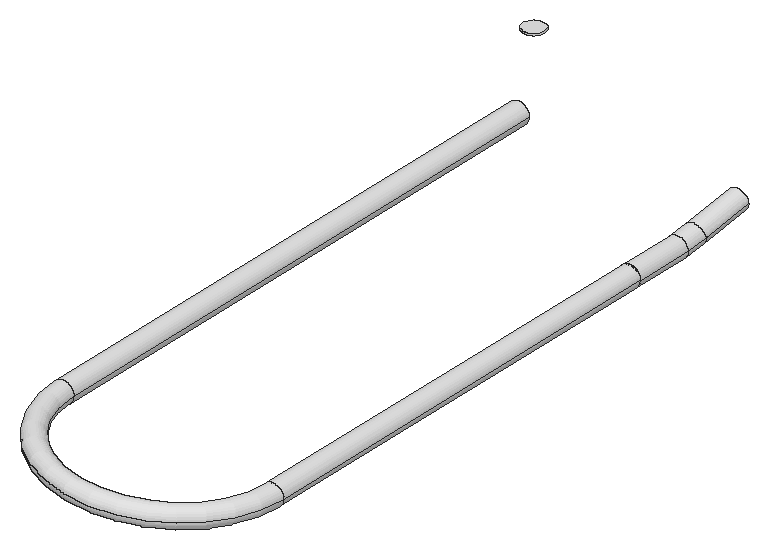
Revit family "Deca_Ducha higiênica com registro e derivação_Izy Plus_1984.24.ACT", category Plumbing Fixtures, host Face, Revit 2020 (continued)
Lines and regions (m)
  symbolic lines
    curve 405: line (-0.01713, 0, 0.01024) -> (0, 0, 0.01024)
    curve 406: line (0, 0, 0.01024) -> (0.01713, 0, 0.01024)
    curve 407: line (0.03, 0, 0) -> (-0.03, 0, 0)
    curve 408: line (0.03, 0, 0.002064) -> (0.03, 0, 0)
    curve 409: arc (0.029254, 0, 0.00324) -> (0.029798, 0, 0.00276) -> (0.03, 0, 0.002064) r 0.0013
    curve 410: arc (-0.03, 0, 0.002064) -> (-0.029798, 0, 0.00276) -> (-0.029254, 0, 0.00324) r 0.0013
    curve 411: line (-0.03, 0, 0) -> (-0.03, 0, 0.002064)
    curve 412: arc (0.014685, 0, 0.01415) -> (0.015955, 0, 0.0129) -> (0.016291, 0, 0.01115) r 0.003
    curve 413: arc (-0.016291, 0, 0.01115) -> (-0.015955, 0, 0.0129) -> (-0.014685, 0, 0.01415) r 0.003
    curve 414: line (0.014685, 0, 0.01415) -> (-0.014685, 0, 0.01415)
    curve 415: line (0.016291, 0, 0.01115) -> (-0.016291, 0, 0.01115)
    curve 416: line (0.207974, 0, 0.079613) -> (0.207974, 0, 0.07531)
    curve 417: line (0.207974, 0, 0.07531) -> (0.207974, 0, 0.059941)
    curve 418: line (0.194974, 0, 0.083141) -> (0.204974, 0, 0.083141)
    curve 419: line (0.191974, 0, 0.059947) -> (0.191974, 0, 0.079613)
    curve 420: arc (0.207974, 0, 0.079613) -> (0.207289, 0, 0.082071) -> (0.204974, 0, 0.083141) r 0.00304
    curve 421: arc (0.191974, 0, 0.079613) -> (0.192658, 0, 0.082071) -> (0.194974, 0, 0.083141) r 0.00304
    curve 422: line (0.204974, 0, 0.083141) -> (0.204974, 0, 0.078263)
    curve 423: line (0.194974, 0, 0.078263) -> (0.194974, 0, 0.083141)
    curve 424: line (0.199974, 0, 0.062618) -> (0.199974, 0, 0.076508)
    curve 425: arc (0.204974, 0, 0.078263) -> (0.204527, 0, 0.077518) -> (0.203766, 0, 0.0771) r 0.001659
    curve 426: arc (0.203766, 0, 0.0771) -> (0.199961, 0, 0.076508) -> (0.196155, 0, 0.0771) r 0.012523
    curve 427: arc (0.194974, 0, 0.078263) -> (0.19542, 0, 0.077518) -> (0.196181, 0, 0.0771) r 0.001659
    curve 428: arc (0.204974, 0, 0.078263) -> (0.207092, 0, 0.077415) -> (0.207974, 0, 0.07531) r 0.002954
    curve 429: arc (0.194974, 0, 0.078263) -> (0.192855, 0, 0.077415) -> (0.191974, 0, 0.07531) r 0.002954
    curve 430: line (0.207974, 0, 0.07531) -> (0.191974, 0, 0.07531)
    curve 431: line (0.205474, 0, 0.060614) -> (0.207435, 0, 0.060133)
    curve 432: line (0.207435, 0, 0.060133) -> (0.209171, 0, 0.059514)
    curve 433: line (0.209171, 0, 0.059514) -> (0.210626, 0, 0.058776)
    curve 434: line (0.210626, 0, 0.058776) -> (0.211758, 0, 0.057943)
    curve 435: line (0.211758, 0, 0.057943) -> (0.212532, 0, 0.057038)
    curve 436: line (0.212532, 0, 0.057038) -> (0.212925, 0, 0.056091)
    curve 437: line (0.212974, 0, 0.055612) -> (0.212974, 0, 0.031801)
    curve 438: line (0.212974, 0, 0.031801) -> (0.212776, 0, 0.03276)
    curve 439: line (0.212776, 0, 0.03276) -> (0.21219, 0, 0.033689)
    curve 440: line (0.21219, 0, 0.033689) -> (0.211232, 0, 0.034561)
    curve 441: line (0.211232, 0, 0.034561) -> (0.209932, 0, 0.03535)
    curve 442: line (0.209932, 0, 0.03535) -> (0.20833, 0, 0.03603)
    curve 443: line (0.20833, 0, 0.03603) -> (0.206474, 0, 0.036582)
    curve 444: line (0.206474, 0, 0.036582) -> (0.20442, 0, 0.036989)
    curve 445: line (0.20442, 0, 0.036989) -> (0.202231, 0, 0.037238)
    curve 446: line (0.202231, 0, 0.037238) -> (0.199974, 0, 0.037321)
    curve 447: line (0.199974, 0, 0.037321) -> (0.197716, 0, 0.037238)
    curve 448: line (0.197716, 0, 0.037238) -> (0.195527, 0, 0.036989)
    curve 449: line (0.195527, 0, 0.036989) -> (0.193474, 0, 0.036582)
    curve 450: line (0.193474, 0, 0.036582) -> (0.191617, 0, 0.03603)
    curve 451: line (0.191617, 0, 0.03603) -> (0.190015, 0, 0.03535)
    curve 452: line (0.190015, 0, 0.03535) -> (0.188715, 0, 0.034561)
    curve 453: line (0.188715, 0, 0.034561) -> (0.187757, 0, 0.033689)
    curve 454: line (0.187757, 0, 0.033689) -> (0.187171, 0, 0.03276)
    curve 455: line (0.187171, 0, 0.03276) -> (0.186973, 0, 0.031801)
    curve 456: line (0.186974, 0, 0.031801) -> (0.186974, 0, 0.055612)
    curve 457: line (0.186974, 0, 0.055612) -> (0.187171, 0, 0.056571)
    curve 458: line (0.187171, 0, 0.056571) -> (0.187757, 0, 0.0575)
    curve 459: line (0.187757, 0, 0.0575) -> (0.188715, 0, 0.058372)
    curve 460: line (0.188715, 0, 0.058372) -> (0.190015, 0, 0.059161)
    curve 461: line (0.190015, 0, 0.059161) -> (0.191617, 0, 0.059841)
    curve 462: line (0.191617, 0, 0.059841) -> (0.193473, 0, 0.060393)
    curve 463: line (0.193473, 0, 0.060393) -> (0.194473, 0, 0.060614)
    curve 464: line (0.216974, 0, 0) -> (0.182974, 0, 0)
    curve 465: line (0.182974, 0, 0.044226) -> (0.182974, 0, 0)
    curve 466: line (0.216974, 0, 0) -> (0.216974, 0, 0.044226)
    curve 467: arc (0.216974, 0, 0.044226) -> (0.21594, 0, 0.049877) -> (0.212974, 0, 0.054797) r 0.015966
    curve 468: arc (0.182974, 0, 0.044226) -> (0.184007, 0, 0.049908) -> (0.186974, 0, 0.054862) r 0.016139
    curve 469: line (0.212342, 0, 0.026079) -> (0.212332, 0, 0.027001)
    curve 470: line (0.212332, 0, 0.027001) -> (0.211945, 0, 0.027905)
    curve 471: line (0.211945, 0, 0.027905) -> (0.211195, 0, 0.028766)
    curve 472: line (0.211195, 0, 0.028766) -> (0.210104, 0, 0.02956)
    curve 473: line (0.210104, 0, 0.02956) -> (0.208705, 0, 0.03026)
    curve 474: line (0.208705, 0, 0.03026) -> (0.207041, 0, 0.030847)
    curve 475: line (0.207041, 0, 0.030847) -> (0.205161, 0, 0.031303)
    curve 476: line (0.205161, 0, 0.031303) -> (0.203125, 0, 0.031612)
    curve 477: line (0.203125, 0, 0.031612) -> (0.200992, 0, 0.031767)
    curve 478: line (0.200992, 0, 0.031767) -> (0.198829, 0, 0.031763)
    curve 479: line (0.198829, 0, 0.031763) -> (0.1967, 0, 0.031599)
    curve 480: line (0.1967, 0, 0.031599) -> (0.194671, 0, 0.03128)
    curve 481: line (0.194671, 0, 0.03128) -> (0.192803, 0, 0.030817)
    curve 482: line (0.192803, 0, 0.030817) -> (0.191153, 0, 0.030222)
    curve 483: line (0.191153, 0, 0.030222) -> (0.189771, 0, 0.029516)
    curve 484: line (0.189771, 0, 0.029516) -> (0.188699, 0, 0.028718)
    curve 485: line (0.188699, 0, 0.028718) -> (0.187969, 0, 0.027853)
    curve 486: line (0.187969, 0, 0.027853) -> (0.187604, 0, 0.026947)
    curve 487: line (0.187604, 0, 0.026947) -> (0.187604, 0, 0.026081)
    curve 488: arc (0.212342, 0, 0.026079) -> (0.212804, 0, 0.027782) -> (0.212974, 0, 0.029538) r 0.010485
    curve 489: line (0.212974, 0, 0.031801) -> (0.212974, 0, 0.029538)
    curve 490: arc (0.187604, 0, 0.026081) -> (0.187143, 0, 0.027783) -> (0.186973, 0, 0.029538) r 0.010485
    curve 491: line (0.186973, 0, 0.031801) -> (0.186973, 0, 0.029538)
    curve 492: arc (0.212342, 0, 0.026079) -> (0.211588, 0, 0.024557) -> (0.210333, 0, 0.023413) r 0.004602
    curve 493: arc (0.210333, 0, 0.023413) -> (0.207788, 0, 0.022151) -> (0.205052, 0, 0.021386) r 0.015185
    curve 494: arc (0.205052, 0, 0.021386) -> (0.20034, 0, 0.02093) -> (0.195618, 0, 0.021257) r 0.028639
    curve 495: arc (0.190759, 0, 0.022709) -> (0.193127, 0, 0.021778) -> (0.195618, 0, 0.021257) r 0.015185
    curve 496: arc (0.190759, 0, 0.022709) -> (0.18879, 0, 0.024028) -> (0.187604, 0, 0.026081) r 0.005237
    curve 497: line (0.205474, 0, 0.06196) -> (0.205474, 0, 0.060614)
    curve 498: line (0.205474, 0, 0.060614) -> (0.205751, 0, 0.059577)
    curve 499: line (0.205751, 0, 0.059577) -> (0.205751, 0, 0.051957)
    curve 500: line (0.194473, 0, 0.06196) -> (0.194473, 0, 0.060614)
    curve 501: line (0.194473, 0, 0.060614) -> (0.194196, 0, 0.059577)
    curve 502: line (0.194196, 0, 0.059577) -> (0.194196, 0, 0.051957)
    curve 503: arc (0.205474, 0, 0.06196) -> (0.199973, 0, 0.062618) -> (0.194473, 0, 0.06196) r 0.023323
    curve 504: arc (0.205751, 0, 0.051957) -> (0.199974, 0, 0.052516) -> (0.194196, 0, 0.051957) r 0.030126
    curve 505: arc (0.182663, 0, 0.024346) -> (0.176478, 0, 0.034258) -> (0.182505, 0, 0.044266) r 0.011177
    curve 506: arc (0.179776, 0, 0.0442) -> (0.172969, 0, 0.034853) -> (0.178489, 0, 0.024692) r 0.010824
    curve 507: arc (0.175823, 0, 0.044656) -> (0.170375, 0, 0.035243) -> (0.174171, 0, 0.025051) r 0.012751
    curve 508: arc (0.173125, 0, 0.045066) -> (0.166329, 0, 0.03601) -> (0.170225, 0, 0.02538) r 0.011862
    curve 509: arc (0.16905, 0, 0.045415) -> (0.161807, 0, 0.03643) -> (0.166117, 0, 0.025723) r 0.011403
    curve 510: arc (0.163718, 0, 0.045873) -> (0.157009, 0, 0.036778) -> (0.16114, 0, 0.026259) r 0.011681
    curve 511: arc (0.154319, 0, 0.046102) -> (0.149505, 0, 0.037199) -> (0.152664, 0, 0.027583) r 0.012798
    curve 512: arc (0.148451, 0, 0.046386) -> (0.144686, 0, 0.037463) -> (0.146844, 0, 0.028022) r 0.015776
    curve 513: arc (0.141803, 0, 0.046656) -> (0.139216, 0, 0.037813) -> (0.140846, 0, 0.028745) r 0.020101
    curve 514: arc (0.137267, 0, 0.028161) -> (0.135196, 0, 0.038445) -> (0.139151, 0, 0.04816) r 0.01818
    curve 515: arc (0.132178, 0, 0.048781) -> (0.128422, 0, 0.03912) -> (0.130087, 0, 0.02889) r 0.019708
    curve 516: arc (0.125391, 0, 0.049385) -> (0.12243, 0, 0.039388) -> (0.123248, 0, 0.028994) r 0.028604
    curve 517: arc (0.118482, 0, 0.049999) -> (0.116008, 0, 0.040203) -> (0.116391, 0, 0.030106) r 0.035541
    curve 518: arc (0.111485, 0, 0.050622) -> (0.10965, 0, 0.040744) -> (0.109742, 0, 0.030698) r 0.052191
    curve 519: arc (0.104435, 0, 0.051249) -> (0.103228, 0, 0.041316) -> (0.102692, 0, 0.031325) r 0.148648
    curve 520: arc (0.097368, 0, 0.051878) -> (0.097159, 0, 0.041843) -> (0.095277, 0, 0.031985) r 0.059862
    curve 521: arc (0.088545, 0, 0.032583) -> (0.090883, 0, 0.042417) -> (0.090289, 0, 0.052507) r 0.034714
    curve 522: arc (0.081548, 0, 0.033206) -> (0.084183, 0, 0.043014) -> (0.083291, 0, 0.05313) r 0.029128
    curve 523: arc (0.074639, 0, 0.033821) -> (0.077914, 0, 0.043569) -> (0.076411, 0, 0.053742) r 0.022038
    curve 524: arc (0.067851, 0, 0.034424) -> (0.071231, 0, 0.044167) -> (0.069594, 0, 0.054348) r 0.021118
    curve 525: arc (0.061007, 0, 0.035186) -> (0.065212, 0, 0.044546) -> (0.063076, 0, 0.054582) r 0.01651
    curve 526: arc (0.054707, 0, 0.035747) -> (0.059702, 0, 0.045256) -> (0.056173, 0, 0.0554) r 0.013495
    curve 527: arc (0.048629, 0, 0.036289) -> (0.052419, 0, 0.045859) -> (0.050312, 0, 0.055935) r 0.017906
    curve 528: arc (0.041786, 0, 0.036743) -> (0.047013, 0, 0.046143) -> (0.04412, 0, 0.056503) r 0.014148
    curve 529: arc (0.036627, 0, 0.037202) -> (0.044243, 0, 0.046574) -> (0.03837, 0, 0.057126) r 0.010771
    curve 530: arc (0.032247, 0, 0.037592) -> (0.039011, 0, 0.047172) -> (0.033432, 0, 0.057487) r 0.011122
    curve 531: arc (0.027267, 0, 0.038036) -> (0.034426, 0, 0.047511) -> (0.028713, 0, 0.057923) r 0.010928
    curve 532: arc (0.023162, 0, 0.038555) -> (0.030153, 0, 0.048555) -> (0.023162, 0, 0.058555) r 0.010648
    curve 533: arc (0.018466, 0, 0.038694) -> (0.023735, 0, 0.048743) -> (0.0186, 0, 0.058861) r 0.012374
    curve 534: arc (0.016046, 0, 0.039093) -> (0.020853, 0, 0.048555) -> (0.016046, 0, 0.058016) r 0.011714
    curve 535: arc (0.182974, 0, 0.044226) -> (0.098814, 0, 0.051555) -> (0.014685, 0, 0.059226) r 20.819803
    curve 536: arc (0.182663, 0, 0.024346) -> (0.098657, 0, 0.031497) -> (0.014685, 0, 0.039042) r 17.944347
    curve 537: line (0, 0.04865, 0.14339) -> (0, 0.00925, 0.14339)
    curve 538: arc (0, 0.00625, 0.14039) -> (0, 0.007129, 0.142511) -> (0, 0.00925, 0.14339) r 0.003
    curve 539: line (0, 0.00625, 0.14039) -> (0, 0.00625, 0.11564)
    curve 540: line (0, -0.00625, 0.11564) -> (0, -0.00625, 0.15289)
    curve 541: arc (0, -0.00625, 0.15289) -> (0, -0.005371, 0.155011) -> (0, -0.00325, 0.15589) r 0.003
    curve 542: line (0, -0.00325, 0.15589) -> (0, 0.04865, 0.15589)
    curve 543: arc (0, 0.04865, 0.15589) -> (0, 0.049711, 0.155451) -> (0, 0.05015, 0.15439) r 0.0015
    curve 544: line (0, 0.05015, 0.14489) -> (0, 0.05015, 0.15439)
    curve 545: arc (0, 0.05015, 0.14489) -> (0, 0.049711, 0.143829) -> (0, 0.04865, 0.14339) r 0.0015
    curve 546: arc (0, 0.01175, 0.10115) -> (0, 0.010689, 0.101589) -> (0, 0.01025, 0.10265) r 0.0015
    curve 547: line (0, 0.01025, 0.10265) -> (0, 0.01025, 0.11414)
    curve 548: arc (0, 0.01025, 0.11414) -> (0, 0.009811, 0.115201) -> (0, 0.00875, 0.11564) r 0.0015
    curve 549: line (0, 0.00875, 0.11564) -> (0, -0.00875, 0.11564)
    curve 550: arc (0, -0.00875, 0.11564) -> (0, -0.009811, 0.115201) -> (0, -0.01025, 0.11414) r 0.0015
    curve 551: line (0, -0.01025, 0.11414) -> (0, -0.01025, 0.10265)
    curve 552: arc (0, -0.01025, 0.10265) -> (0, -0.010689, 0.101589) -> (0, -0.01175, 0.10115) r 0.0015
    curve 553: line (0, 0.076132, 0.067518) -> (0, 0.04935, 0.065946)
    curve 554: line (0, 0.04935, 0.065946) -> (0, 0.0214, 0.062387)
    curve 555: line (0, 0.0214, 0.062387) -> (0, 0.018, 0.061954)
    curve 556: line (0, 0.018, 0.038139) -> (0, 0.018, 0.063141)
    curve 557: arc (0, 0.018, 0.063141) -> (0, 0.015613, 0.064903) -> (0, 0.014685, 0.067721) r 0.00489
    curve 558: line (0, 0.014685, 0.067721) -> (0, 0.014685, 0.08996)
    curve 559: line (0, 0.076793, 0.049567) -> (0, 0.053468, 0.042596)
    curve 560: line (0, 0.019955, 0.035016) -> (0, 0.053468, 0.042596)
    curve 561: line (0, 0.01828, 0.03566) -> (0, 0.01828, 0.009576)
    curve 562: line (0, 0.01713, 0.01024) -> (0, 0.029254, 0.00324)
    curve 563: arc (0, 0.029254, 0.00324) -> (0, 0.029798, 0.00276) -> (0, 0.03, 0.002064) r 0.0013
    curve 564: line (0, 0.03, 0) -> (0, 0.03, 0.002064)
    curve 565: line (0, -0.03, 0) -> (0, 0.03, 0)
    curve 566: line (0, -0.03, 0.002064) -> (0, -0.03, 0)
    curve 567: arc (0, -0.03, 0.002064) -> (0, -0.029798, 0.00276) -> (0, -0.029254, 0.00324) r 0.0013
    curve 568: line (0, -0.029254, 0.00324) -> (0, -0.01713, 0.01024)
    curve 569: line (0, 0.053468, 0.042596) -> (0, 0.04935, 0.065946)
    curve 570: line (0, -0.014685, 0.08996) -> (0, -0.014685, 0.067721)
    curve 571: arc (0, -0.014685, 0.067721) -> (0, -0.015613, 0.064903) -> (0, -0.018, 0.063141) r 0.00489
    curve 572: arc (0, -0.015581, 0.10015) -> (0, -0.015288, 0.100857) -> (0, -0.014581, 0.10115) r 0.001
    curve 573: line (0, -0.015581, 0.09215) -> (0, -0.015581, 0.10015)
    curve 574: arc (0, -0.014685, 0.08996) -> (0, -0.014778, 0.090473) -> (0, -0.015044, 0.090922) r 0.001467
    curve 575: arc (0, -0.015044, 0.090922) -> (0, -0.015441, 0.09148) -> (0, -0.015581, 0.09215) r 0.001674
    curve 576: arc (0, 0.014685, 0.08996) -> (0, 0.014778, 0.090473) -> (0, 0.015044, 0.090922) r 0.001467
    curve 577: arc (0, 0.015044, 0.090922) -> (0, 0.015441, 0.09148) -> (0, 0.015581, 0.09215) r 0.001674
    curve 578: line (0, 0.015581, 0.09215) -> (0, 0.01558, 0.100108)
    curve 579: line (0, -0.014581, 0.10115) -> (0, -0.01175, 0.10115)
    curve 580: arc (0, 0.01558, 0.100108) -> (0, 0.015302, 0.100842) -> (0, 0.014581, 0.10115) r 0.001
    curve 581: line (0, 0.014581, 0.10115) -> (0, 0.01175, 0.10115)
    curve 582: line (0, 0.01175, 0.10115) -> (0, -0.01175, 0.10115)
    curve 583: line (0, 0.015044, 0.090922) -> (0, -0.015044, 0.090922)
    curve 584: line (0, -0.000662, 0.10115) -> (0, -0.000662, 0.090922)
    curve 585: line (0, 0.007129, 0.142511) -> (0, -0.005371, 0.155011)
    curve 586: arc (0, -0.009169, 0.058931) -> (0, -0.006744, 0.050649) -> (0, -0.009169, 0.042368) r 0.015351
    curve 587: arc (0, 0.009169, 0.058931) -> (0, 0.006744, 0.050649) -> (0, 0.009169, 0.042368) r 0.015351
    curve 588: arc (0, 0.009169, 0.058931) -> (0, 0.011948, 0.063313) -> (0, 0.014685, 0.067721) r 0.550996
    curve 589: arc (0, 0.009169, 0.042368) -> (0, 0.011955, 0.037957) -> (0, 0.014685, 0.033511) r 0.406671
    curve 590: arc (0, -0.009169, 0.058931) -> (0, -0.011948, 0.063313) -> (0, -0.014685, 0.067721) r 0.550996
    curve 591: arc (0, -0.009169, 0.042368) -> (0, -0.011955, 0.037957) -> (0, -0.014685, 0.033511) r 0.406671
    curve 592: arc (0, 0.092775, 0.075513) -> (0, 0.097388, 0.068823) -> (0, 0.10055, 0.061337) r 0.0399
    curve 593: arc (0, 0.081864, 0.078263) -> (0, 0.08648, 0.077413) -> (0, 0.091086, 0.076508) r 0.400338
    curve 594: arc (0, 0.091086, 0.076508) -> (0, 0.092014, 0.076152) -> (0, 0.092775, 0.075513) r 0.003
    curve 595: arc (0, 0.044216, 0.083141) -> (0, 0.063098, 0.081149) -> (0, 0.081864, 0.078263) r 0.4
    curve 596: arc (0, 0.044616, 0.079044) -> (0, 0.043697, 0.079759) -> (0, 0.043566, 0.080916) r 0.0015
    curve 597: line (0, 0.044616, 0.079044) -> (0, 0.046859, 0.078424)
    curve 598: arc (0, 0.046859, 0.078424) -> (0, 0.057298, 0.075352) -> (0, 0.06765, 0.071997) r 0.4
    curve 599: arc (0, 0.06765, 0.071997) -> (0, 0.072069, 0.070095) -> (0, 0.076132, 0.067518) r 0.03032
    curve 600: line (0, 0.044216, 0.083141) -> (0, 0.043566, 0.080916)
    curve 601: arc (0, 0.047263, 0.079869) -> (0, 0.064349, 0.077958) -> (0, 0.081338, 0.07531) r 0.397
    curve 602: arc (0, 0.081338, 0.07531) -> (0, 0.087055, 0.075466) -> (0, 0.092775, 0.075513) r 0.301364
    curve 603: arc (0, 0.076132, 0.067518) -> (0, 0.082099, 0.061511) -> (0, 0.086228, 0.054119) r 0.031159
    curve 604: line (0, 0.103231, 0.062587) -> (0, 0.076953, 0.050333)
    curve 605: line (0, 0.076793, 0.049567) -> (0, 0.087714, 0.026281)
    curve 606: line (0, 0.087714, 0.026281) -> (0, 0.089298, 0.025367)
    curve 607: line (0, 0.111254, 0.037321) -> (0, 0.110934, 0.035515)
    curve 608: line (0, 0.111254, 0.037321) -> (0, 0.104125, 0.052521)
    curve 609: line (0, 0.103834, 0.062322) -> (0, 0.107226, 0.055077)
    curve 610: line (0, 0.102686, 0.052399) -> (0, 0.106985, 0.054412)
    curve 611: arc (0, 0.107226, 0.055077) -> (0, 0.107243, 0.054694) -> (0, 0.106985, 0.054412) r 0.0005
    curve 612: arc (0, 0.103231, 0.062587) -> (0, 0.103583, 0.062568) -> (0, 0.103834, 0.062322) r 0.0005
    curve 613: line (0, 0.102686, 0.052399) -> (0, 0.099076, 0.060095)
    curve 614: arc (0, 0.104125, 0.052521) -> (0, 0.104108, 0.052903) -> (0, 0.104366, 0.053186) r 0.0005
    curve 615: arc (0, 0.099076, 0.060095) -> (0, 0.099076, 0.060528) -> (0, 0.099409, 0.060805) r 0.00051
    curve 616: line (0, 0.112051, 0.036038) -> (0, 0.113375, 0.031137)
    curve 617: line (0, 0.091113, 0.020696) -> (0, 0.113375, 0.031137)
    curve 618: line (0, 0.091113, 0.020696) -> (0, 0.088192, 0.024848)
    curve 619: line (0, 0.088192, 0.024848) -> (0, 0.112051, 0.036038)
    curve 620: line (0, 0.0309, 0.06268) -> (0, 0.0249, 0.06268)
    curve 621: line (0, 0.0309, 0.03854) -> (0, 0.0309, 0.06268)
    curve 622: line (0, 0.0249, 0.03854) -> (0, 0.0309, 0.03854)
    curve 623: line (0, 0.0249, 0.06268) -> (0, 0.0249, 0.03854)
    curve 624: line (0, 0.0214, 0.062387) -> (0, 0.0214, 0.03889)
    curve 625: line (0, 0.0214, 0.03889) -> (0, 0.0249, 0.03889)
    curve 626: arc (0, 0.014685, 0.033511) -> (0, 0.0156, 0.036357) -> (0, 0.018, 0.038139) r 0.004894
    curve 627: line (0, -0.014685, 0.01415) -> (0, 0.014685, 0.01415)
    curve 628: line (0, 0.014685, 0.01415) -> (0, 0.014685, 0.033511)
    curve 629: line (0, -0.014685, 0.033511) -> (0, -0.014685, 0.01415)
    curve 630: arc (0, -0.018, 0.038139) -> (0, -0.015601, 0.036359) -> (0, -0.014685, 0.033516) r 0.00489
    curve 631: line (0, -0.018, 0.038139) -> (0, -0.018, 0.063141)
    curve 632: arc (0, -0.010509, 0.04672) -> (0, -0.008944, 0.050641) -> (0, -0.010509, 0.054562) r 0.005693
    curve 633: arc (0, -0.018, 0.06185) -> (0, -0.014036, 0.058431) -> (0, -0.010509, 0.054562) r 0.043617
    curve 634: arc (0, -0.010509, 0.04672) -> (0, -0.014114, 0.04293) -> (0, -0.018, 0.03943) r 0.06767
    curve 635: arc (0, 0.010509, 0.04672) -> (0, 0.008944, 0.050641) -> (0, 0.010509, 0.054562) r 0.005693
    curve 636: arc (0, 0.018, 0.06185) -> (0, 0.014036, 0.058431) -> (0, 0.010509, 0.054562) r 0.043617
    curve 637: arc (0, 0.010509, 0.04672) -> (0, 0.014114, 0.04293) -> (0, 0.018, 0.03943) r 0.06767
    curve 638: line (0, 0.0214, 0.041375) -> (0, 0.0195, 0.041375)
    curve 639: line (0, 0.018, 0.040325) -> (0, 0.0195, 0.041375)
    curve 640: line (0, 0.019955, 0.035016) -> (0, 0.018907, 0.04096)
    curve 641: line (0, 0.047263, 0.079869) -> (0, 0.043743, 0.081522)
    curve 642: line (0, -0.0301, 0.060625) -> (0, -0.0301, 0.040655)
    curve 643: line (0, -0.021115, 0.06164) -> (0, -0.029085, 0.06164)
    curve 644: line (0, -0.0201, 0.040655) -> (0, -0.0201, 0.060625)
    curve 645: arc (0, -0.0201, 0.060625) -> (0, -0.020397, 0.061343) -> (0, -0.021115, 0.06164) r 0.001015
    curve 646: arc (0, -0.0301, 0.060625) -> (0, -0.029803, 0.061343) -> (0, -0.029085, 0.06164) r 0.001015
    curve 647: line (0, -0.021115, 0.03964) -> (0, -0.029085, 0.03964)
    curve 648: arc (0, -0.0201, 0.040655) -> (0, -0.020397, 0.039937) -> (0, -0.021115, 0.03964) r 0.001015
    curve 649: arc (0, -0.0301, 0.040655) -> (0, -0.029803, 0.039937) -> (0, -0.029085, 0.03964) r 0.001015
    curve 650: line (0, -0.018, 0.060955) -> (0, -0.0201, 0.059818)
    curve 651: line (0, -0.018, 0.040325) -> (0, -0.0201, 0.041354)
    curve 652: line (0, -0.0201, 0.05064) -> (0, -0.0301, 0.05064)
    curve 653: line (0, 0.01713, 0.01024) -> (0, -0.01713, 0.01024)
    curve 654: arc (0, 0.014685, 0.01415) -> (0, 0.015953, 0.012897) -> (0, 0.01631, 0.01115) r 0.003068
    curve 655: arc (0, -0.014685, 0.01415) -> (0, -0.015953, 0.012897) -> (0, -0.01631, 0.01115) r 0.003066
    curve 656: line (0, 0.01631, 0.01115) -> (0, -0.01631, 0.01115)
    curve 657: line (0, -0.0393, 0.0405) -> (0, -0.0393, 0.0605)
    curve 658: line (0, -0.569236, 0.0575) -> (0, -0.0301, 0.0575)
    curve 659: arc (0, -0.569236, 0.0575) -> (0, -0.604881, 0.056567) -> (0, -0.640429, 0.053769) r 0.681084
    curve 660: arc (0, -0.640429, 0.053769) -> (0, -0.653227, 0.051049) -> (0, -0.66518, 0.045727) r 0.062585
    curve 661: arc (0, -0.66518, 0.045727) -> (0, -0.668662, 0.038258) -> (0, -0.662835, 0.032431) r 0.007184
    curve 662: arc (0, -0.662835, 0.032431) -> (0, -0.638025, 0.028944) -> (0, -0.613031, 0.027196) r 0.35895
    curve 663: line (0, -0.613031, 0.027196) -> (0, -0.078031, 0.027196)
    curve 664: line (0, -0.078031, 0.027196) -> (0, -0.015153, 0.034917)
    curve 665: line (0, -0.1143, 0.0605) -> (0, -0.1143, 0.02367)
    curve 666: line (0, -0.1218, 0.0605) -> (0, -0.1218, 0.02367)
    curve 667: line (0, -0.1293, 0.0605) -> (0, -0.1293, 0.02367)
    curve 668: line (0, -0.1368, 0.0605) -> (0, -0.1368, 0.02367)
    curve 669: line (0, -0.1443, 0.0605) -> (0, -0.1443, 0.02367)
    curve 670: line (0, -0.1518, 0.0605) -> (0, -0.1518, 0.02367)
    curve 671: line (0, -0.1593, 0.0605) -> (0, -0.1593, 0.02367)
    curve 672: line (0, -0.1668, 0.0605) -> (0, -0.1668, 0.02367)
    curve 673: line (0, -0.1743, 0.0605) -> (0, -0.1743, 0.02367)
    curve 674: line (0, -0.1818, 0.0605) -> (0, -0.1818, 0.02367)
    curve 675: line (0, -0.1893, 0.0605) -> (0, -0.1893, 0.02367)
    curve 676: line (0, -0.1968, 0.0605) -> (0, -0.1968, 0.02367)
    curve 677: line (0, -0.2043, 0.0605) -> (0, -0.2043, 0.02367)
    curve 678: line (0, -0.2118, 0.0605) -> (0, -0.2118, 0.02367)
    curve 679: line (0, -0.2193, 0.0605) -> (0, -0.2193, 0.02367)
    curve 680: line (0, -0.2268, 0.0605) -> (0, -0.2268, 0.02367)
    curve 681: line (0, -0.2343, 0.0605) -> (0, -0.2343, 0.02367)
    curve 682: line (0, -0.2418, 0.0605) -> (0, -0.2418, 0.02367)
    curve 683: line (0, -0.2493, 0.0605) -> (0, -0.2493, 0.02367)
    curve 684: line (0, -0.2568, 0.0605) -> (0, -0.2568, 0.02367)
    curve 685: line (0, -0.2643, 0.0605) -> (0, -0.2643, 0.02367)
    curve 686: line (0, -0.2718, 0.0605) -> (0, -0.2718, 0.02367)
    curve 687: line (0, -0.2793, 0.0605) -> (0, -0.2793, 0.02367)
    curve 688: line (0, -0.2868, 0.0605) -> (0, -0.2868, 0.02367)
    curve 689: line (0, -0.2943, 0.0605) -> (0, -0.2943, 0.02367)
    curve 690: line (0, -0.3018, 0.0605) -> (0, -0.3018, 0.02367)
    curve 691: line (0, -0.3093, 0.0605) -> (0, -0.3093, 0.02367)
    curve 692: line (0, -0.3168, 0.0605) -> (0, -0.3168, 0.02367)
    curve 693: line (0, -0.3243, 0.0605) -> (0, -0.3243, 0.02367)
    curve 694: line (0, -0.3318, 0.0605) -> (0, -0.3318, 0.02367)
    curve 695: line (0, -0.3393, 0.0605) -> (0, -0.3393, 0.02367)
    curve 696: line (0, -0.3468, 0.0605) -> (0, -0.3468, 0.02367)
    curve 697: line (0, -0.3543, 0.0605) -> (0, -0.3543, 0.02367)
    curve 698: line (0, -0.3618, 0.0605) -> (0, -0.3618, 0.02367)
    curve 699: line (0, -0.3693, 0.0605) -> (0, -0.3693, 0.02367)
    curve 700: line (0, -0.3768, 0.0605) -> (0, -0.3768, 0.02367)
    curve 701: line (0, -0.3843, 0.0605) -> (0, -0.3843, 0.02367)
    curve 702: line (0, -0.3918, 0.0605) -> (0, -0.3918, 0.02367)
    curve 703: line (0, -0.3993, 0.0605) -> (0, -0.3993, 0.02367)
    curve 704: line (0, -0.4068, 0.0605) -> (0, -0.4068, 0.02367)
    curve 705: line (0, -0.4143, 0.0605) -> (0, -0.4143, 0.02367)
    curve 706: line (0, -0.4218, 0.0605) -> (0, -0.4218, 0.02367)
    curve 707: line (0, -0.4293, 0.0605) -> (0, -0.4293, 0.02367)
    curve 708: line (0, -0.4368, 0.0605) -> (0, -0.4368, 0.02367)
    curve 709: line (0, -0.4443, 0.0605) -> (0, -0.4443, 0.02367)
    curve 710: line (0, -0.4518, 0.0605) -> (0, -0.4518, 0.02367)
    curve 711: line (0, -0.4593, 0.0605) -> (0, -0.4593, 0.02367)
    curve 712: line (0, -0.4668, 0.0605) -> (0, -0.4668, 0.02367)
    curve 713: line (0, -0.4743, 0.0605) -> (0, -0.4743, 0.02367)
    curve 714: line (0, -0.4818, 0.0605) -> (0, -0.4818, 0.02367)
    curve 715: line (0, -0.4893, 0.0605) -> (0, -0.4893, 0.02367)
    curve 716: line (0, -0.4968, 0.0605) -> (0, -0.4968, 0.02367)
    curve 717: line (0, -0.5043, 0.0605) -> (0, -0.5043, 0.02367)
    curve 718: line (0, -0.5118, 0.0605) -> (0, -0.5118, 0.02367)
    curve 719: line (0, -0.5193, 0.0605) -> (0, -0.5193, 0.02367)
    curve 720: line (0, -0.5268, 0.0605) -> (0, -0.5268, 0.02367)
    curve 721: line (0, -0.5343, 0.0605) -> (0, -0.5343, 0.02367)
    curve 722: line (0, -0.5418, 0.0605) -> (0, -0.5418, 0.02367)
    curve 723: line (0, -0.5493, 0.0605) -> (0, -0.5493, 0.02367)
    curve 724: line (0, -0.5568, 0.0605) -> (0, -0.5568, 0.02367)
    curve 725: line (0, -0.5643, 0.0605) -> (0, -0.5643, 0.02367)
    curve 726: line (0, -0.5718, 0.0605) -> (0, -0.5718, 0.02367)
    curve 727: line (0, -0.5793, 0.0605) -> (0, -0.5793, 0.02367)
    curve 728: line (0, -0.5868, 0.0605) -> (0, -0.5868, 0.02367)
    curve 729: line (0, -0.5943, 0.0605) -> (0, -0.5943, 0.02367)
    curve 730: line (0, -0.6018, 0.0605) -> (0, -0.6018, 0.02367)
    curve 731: line (0, -0.6093, 0.0605) -> (0, -0.6093, 0.02367)
    curve 732: line (0, -0.6168, 0.0605) -> (0, -0.6168, 0.02367)
    curve 733: line (0, -0.6243, 0.0605) -> (0, -0.6243, 0.02367)
    curve 734: line (0, -0.6318, 0.0605) -> (0, -0.6318, 0.02367)
    curve 735: line (0, -0.6393, 0.05867) -> (0, -0.6393, 0.024931)
    curve 736: line (0, -0.6468, 0.056133) -> (0, -0.6468, 0.026133)
    curve 737: line (0, -0.6543, 0.054857) -> (0, -0.6543, 0.028149)
    curve 738: line (0, -0.6618, 0.052597) -> (0, -0.6618, 0.030414)
    curve 739: line (0, -0.1068, 0.0605) -> (0, -0.1068, 0.02367)
    curve 740: line (0, -0.0993, 0.0605) -> (0, -0.0993, 0.02367)
    curve 741: line (0, -0.0918, 0.0605) -> (0, -0.0918, 0.02367)
    curve 742: line (0, -0.0843, 0.0605) -> (0, -0.0843, 0.02367)
    curve 743: line (0, -0.0768, 0.0605) -> (0, -0.0768, 0.02367)
    curve 744: line (0, -0.0693, 0.0605) -> (0, -0.0693, 0.02367)
    curve 745: line (0, -0.064286, 0.023716) -> (0, -0.067361, 0.041156)
    curve 746: line (0, -0.0569, 0.025019) -> (0, -0.0598, 0.041465)
    curve 747: line (0, -0.049514, 0.026321) -> (0, -0.0523, 0.042121)
    curve 748: line (0, -0.042128, 0.027623) -> (0, -0.0448, 0.042777)
    curve 749: line (0, -0.034742, 0.028926) -> (0, -0.0373, 0.043433)
    curve 750: line (0, -0.027356, 0.030228) -> (0, -0.028975, 0.039411)
    curve 751: line (0, -0.0618, 0.0605) -> (0, -0.0618, 0.041112)
    curve 752: line (0, -0.0543, 0.0605) -> (0, -0.0543, 0.0405)
    curve 753: line (0, -0.0468, 0.0605) -> (0, -0.0468, 0.0405)
Dimensions and locks (m)
  aligned and locked: plane 2 to host face
  aligned and locked: level to host face
Connectors (m)
  piping at (0, 0, 0), diameter 0.015, driven by "Raio Água Fria"
    settings: on free form element, index 1, connector inside diameter 609.6 mm, connector length 0.00 m, flow factor 0, pipe flow 0.0 L/s, pressure drop 0.0 Pa, fitting loss kfactor 0, connector angle 0.00°, fixture units 0, engagement length 0.00 m, angle of deflection 0.00°, flow configuration 3, flow direction 1, fitting loss method 4, system type 20, joint type 0, gender type 0, connector reference index -1, connector utility 0, adjustable connector no, is connector primary yes, connector description ""
  piping at (0, 0.0309, 0.05061), diameter 0.015, driven by "Raio Água Fria Saída"
    settings: on free form element, index 2, connector inside diameter 609.6 mm, connector length 0.00 m, flow factor 0, pipe flow 0.0 L/s, pressure drop 0.0 Pa, fitting loss kfactor 0, connector angle 0.00°, fixture units 0, engagement length 0.00 m, angle of deflection 0.00°, flow configuration 3, flow direction 2, fitting loss method 4, system type 20, joint type 0, gender type 0, connector reference index -1, connector utility 0, adjustable connector no, is connector primary no, connector description ""
Types (2, lengths in m): name | Model | Material Secundário | Cor Secundária
  1984.C24.ACT.CR_Cromado | "1984.C24.ACT.CR" | Deca_Cromado | ""
  1984.C24.ACT.BR_Branco | "1984.C24.ACT.BR" | Deca_Branco | "Branco"
